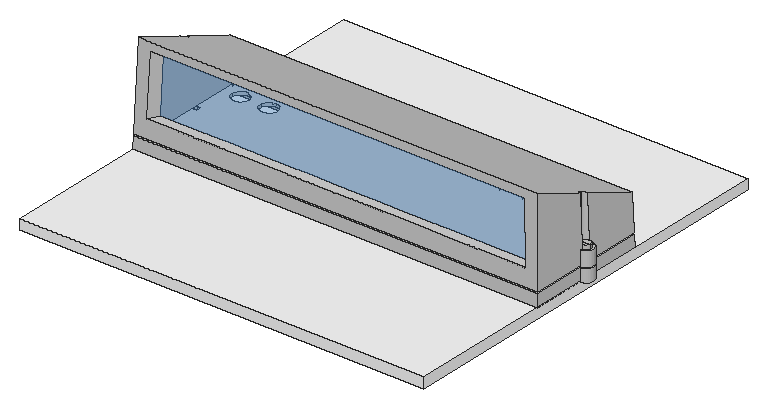
Revit family "BE_24373_de_DE", category Leuchten, Revit 2020
Family settings
  Basisbauteil = Fläche
  Bemaßung runder Anschluss = Durchmesser verwenden
  Teiletyp = Normal
  Beim Laden mit Abzugskörper schneiden = Ja
  Lichtquelle = Ja
  Gemeinsam genutzt = Nein
  Raumberechnungspunkt = Ja
Parameters (values of type "BEGA_24373_Silber_K4")
  built-in parameter 1150104 = 12.821 (stored number, unit not read)
  Wattage = 18.4 W
  Default Elevation = 0 mm
  built-in parameter 1150113 = 1 (stored number, unit not read)
  built-in parameter 1114218 = 1 (stored number, unit not read)
  Umgebungstemperatur = "25 °C"
  URL = "https://www.bega.com/de/produkt/24373"
  Typenkommentare = "© 2022 BEGA. Wir behalten uns das Recht vor, technische Änderungen ohne vorherige Ankündigung vorzunehmen."  # constant formula
  Type Image = 24373.png
  built-in parameter 1150134 = 12
  built-in parameter 1150109 = 1 (stored number, unit not read)
  Strom = ""
  built-in parameter 1150110 = 1 (stored number, unit not read)
  Spannung = 239.996 V
  Sonderanfertigung = no
  Seriennummer [instance] = "Hier können Sie die eindeutige Seriennummer für das Facility Management eintragen."
  Schutzklasse = "I"
  Schutzart = "IP 65"
  Scheinlast = 0 VA
  Produktdatenblatt = "https://cdn.bega.com/bega/products/24373K4/current/documents/data-sheets/de"
  Oberflächentemperatur = ""
  Neigungswinkel = 0.00°
  Modell = "24373AK4"
  Material_17 = BEGA_Reflektor
  Material_15 = BEGA_Leuchtmedium_matt
  Material_11 = BEGA_Glas_opal
  Material_10 = BEGA_Glas_matt
  Material_09 = BEGA_Glas_klar
  Material_06 = BEGA_Oberfläche_Edelstahl_gebürstet
  Material_03 = BEGA_Oberfläche_Weiss_matt
  Material_02 = BEGA_Oberfläche_Silber_matt
  Material_01 [instance] = BEGA_Oberfläche_Grafit_matt
  M_W = no
  M_G = no
  M_A = yes
  Logo = 0
  built-in parameter 1114217 = 1 (stored number, unit not read)
  built-in parameter 1150139 = (empty or 0)
  built-in parameter 1150105 = 202.06 (stored number, unit not read)
  built-in parameter 1150114 = 1 (stored number, unit not read)
  Lumens = 2539.2 lm
  built-in parameter 1150115 = 1 (stored number, unit not read)
  Leuchtenlichtstrom = "1767 lm"
  Leuchtenanzahl = ""
  Lebensdauerkriterien = "L70B50 @ 25 °C = 200000 h"
  Lastklassifizierung = Beleuchtung
  built-in parameter 1150112 = 1 (stored number, unit not read)
  Lampenlichtstrom = "3140 lm"
  Lampe = "LED 18 W"
  LED_Modulbezeichnung = "LED-1228/840"
  built-in parameter 1150142 = (empty or 0)
  Hersteller = "BEGA"  # constant formula
  Halbstreuwinkel = ""
  Gewicht = "2.4 kg"
  Gebrauchslageneinschränkung [instance] = ""
  Frequenz = "0/50-60 Hz"
  Farbwiedergabeindex = "CRI > 80"
  Farbtemperaturverschiebung bei Dämpfen der Lampe = <Keine Auswahl>
  Farbtemperatur = "4000 K"
  Color Filter = 16777215
  built-in parameter 1150133 = 10 (stored number, unit not read)
  Energieeffizienzklasse = "LED A++ - A"
  built-in parameter 1150137 = (empty or 0)
  built-in parameter 1150132 = (empty or 0)
  ENEC = "ja"
  Dimmbar [instance] = "DALI"
  Datei für fotometrisches Netz = "BE_24373K4.IES"
  CE_Konformität = "ja"
  Bestellnummer = "24373AK4"
  Beschreibung_Sonderanfertigung = "Hier können Sie Informationen zur Sonderanfertigung eintragen."
  Beschreibung = "Wandleuchte"
  built-in parameter 1150106 = 2.0206 (stored number, unit not read)
  Befestigungsbohrung = "Ø 5,5 mm"
  Befestigungsabstand = "370 mm"
  Ballwurfsicher = ""
  BEGA_Intern_aus = yes
  BEGA_Intern_an = yes
  BEGA_Intern_Konstruktion = yes
  BEGA_Intern = yes
  BEGA_IES = yes
  BEGA_Dummy = no
  Anschlussleitung = ""
  Anschlussleistung [instance] = "21 W"
  Anschlusskasten = ""
  built-in parameter 1150107 = 4000 (stored number, unit not read)
  built-in parameter 1150102 = (empty or 0)
  built-in parameter 1150138 = (empty or 0)
  Aktualisierung = "2022-05-18T04:00:07"
  Abstand_zur_angestrahlten_Fläche [instance] = ""
  AC/DC = "AC/DC"
Types (4, lengths in mm): name | built-in parameter 1150134 | Modell | M_G | M_A | Leuchtenlichtstrom | Lampenlichtstrom | LED_Modulbezeichnung | Farbtemperatur | Datei für fotometrisches Netz | Bestellnummer | built-in parameter 1150107
  BEGA_24373_Grafit_K4 | 12 | "24373K4" | yes | no | "1767 lm" | "3140 lm" | "LED-1228/840" | "4000 K" | "BE_24373K4.IES" | "24373K4" | 4000 (stored number, unit not read)
  BEGA_24373_Grafit_K3 | (empty or 0) | "24373K3" | yes | no | "1742 lm" | "3095 lm" | "LED-1228/830" | "3000 K" | "BE_24373K3.IES" | "24373K3" | 3000 (stored number, unit not read)
  BEGA_24373_Silber_K3 | (empty or 0) | "24373AK3" | no | yes | "1742 lm" | "3095 lm" | "LED-1228/830" | "3000 K" | "BE_24373K3.IES" | "24373AK3" | 3000 (stored number, unit not read)
  BEGA_24373_Silber_K4 | 12 | "24373AK4" | no | yes | "1767 lm" | "3140 lm" | "LED-1228/840" | "4000 K" | "BE_24373K4.IES" | "24373AK4" | 4000 (stored number, unit not read)
Reference planes
  plane 1 "Mitte (Vorne/Hinten)": y = 0
  plane 2: z = 0
  plane 3 "Mitte (Links/Rechts)": x = 0
  plane 4 "Links": x = -207.724
  plane 5 "Rechts": x = 207.724
  plane 6 "Unten": y = -60.019
  plane 7 "Oben": y = 60.019
  plane 8 "Vorne": z = 98.569
  plane 9 "Hinten": z = 0
Forms (mm)
  Extrusion 1, solid, material "BEGA_Platte_Weiss"
    sketch origin (0, -1119.2, 0) x (1, 0, 0) y (0, 1, 0)
      loop
        line (-200, 1319.2) -> (-200, 919.2) -> (200, 919.2) -> (200, 1319.2) -> (-200, 1319.2)
    from 0 to -10
  Extrusion 2, solid, material "BEGA_Dummy_matt", visible <- "BEGA_Dummy"
    sketch origin (80.095, -76.023, 0) x (1, 0, 0) y (0, 1, 0)
      loop
        line (-287.819, 136.042) -> (-287.819, 16.004) -> (127.628, 16.004) -> (127.628, 136.042) -> (-287.819, 136.042)
    from 0 to 98.569
Dimensions and locks
  plane 1 "Mitte (Vorne/Hinten)" to Extrusion 1 = 200 mm
  aligned and locked: plane 2 to Extrusion 1
  aligned and locked: level to Extrusion 1
Nested families
  nested 1: "BE_24373" at (0, 0, 0), type "BE_24373"
Connectors
  electrical at (0, 0, 0), driven by "Lastklassifizierung", driven by "Spannung", driven by "Scheinlast"
    settings: index 1, voltage 239.996 V, apparent load 0 VA, apparent load phase1 0 VA, apparent load phase2 0 VA, apparent load phase3 0 VA, power factor 1, load classification "Beleuchtung", number of poles 1, system type 31, power factor state 1, is connector primary yes, connector utility no, sub classification motor no, connector description ""
Definition of nested family "BE_24373"
  Parameters (values of type "BE_24373")
    Default Elevation = 1 mm
    URL = "http://www.bega.de/de/produkt"
    Type Comments = "© 2015 BEGA. Wir behalten uns das Recht vor, technische Änderungen ohne vorherige Ankündigung vorzunehmen. "  # constant formula
    Type Image = (empty or 0)
    Material_17 = none
    Material_15 = none
    Material_11 = none
    Material_10 = none
    Material_09 = none
    Material_06 = none
    Material_03 = none
    Material_02 = none
    Material_01 = none
    M_W = yes
    M_G = yes
    M_A = yes
    Länge_Platte = 500 mm  # constant formula
    Höhe_Platte = -10 mm  # constant formula
    Manufacturer = "BEGA"  # constant formula
    Breite_Platte = 200 mm  # constant formula
  Reference planes
    plane 1 "Mitte (Oben/Unten)": y = 0
    plane 2: z = 0
    plane 3 "Mitte (Links/Rechts)": x = 0
    plane 4 "Hinten": z = 0
    plane 5: x = -207.724
    plane 6: z = 98.569
    plane 7: x = 207.724
    plane 8: y = 60.019
    plane 9: y = -60.019
  Forms (mm)
    Extrusion 1, solid, detail levels medium
      sketch origin (0, 0, 0) x (1, 0, 0) y (0, 1, 0)
        loop
          line (-250, 100) -> (-250, -100) -> (250, -100) -> (250, 100) -> (-250, 100)
      from 0 to -10 <- "Höhe_Platte"
    Extrusion 2, solid, material <- "Material_01", visible <- "M_G", detail levels medium+fine
      sketch origin (0, 0, 0) x (0, 1, 0) y (0, 0, 1)
        loop
          line (59.522, 13.6) -> (58.254, 49.911) -> (-56.511, 98.569) -> (-59.478, 13.6) -> (-50.773, 13.6) -> (-48.022, 92.364) -> (50.35, 50.656) -> (51.386, 21) -> (56.527, 21) -> (56.786, 13.6) -> (59.522, 13.6)
      from -200.019 to 200.019
    Extrusion 3, solid, material <- "Material_01", visible <- "M_G", detail levels medium+fine
      sketch origin (0, 0, 0) x (0, 1, 0) y (0, 0, 1)
        loop
          line (58.254, 49.911) -> (-56.511, 98.569) -> (-59.478, 13.6) -> (59.522, 13.6) -> (58.254, 49.911)
      from -200.019 to -188.85
    Extrusion 4, solid, material <- "Material_01", visible <- "M_G", detail levels medium+fine
      sketch origin (0, 0, 0) x (1, 0, 0) y (0, 1, 0)
        loop
          line (-160, 21.964) -> (-160, -21.964) -> (160, -21.964) -> (160, 21.964) -> (-160, 21.964)
      from 14.7 to 12.4
    Extrusion 5, solid, material <- "Material_01", visible <- "M_G", detail levels medium+fine
      sketch origin (-100.514, 0, 0) x (1, 0, 0) y (0, 1, 0)
        loop
          line (-96.067, 7.186) -> (-100, 7.186)
          arc (-100, 7.186) -> (-107.186, 0) -> (-100, -7.186) r 7.186
          line (-100, -7.186) -> (-96.067, -7.186) -> (-96.067, 7.186)
        loop
          line (297.095, 7.186) -> (297.095, -7.186) -> (301.029, -7.186)
          arc (301.029, -7.186) -> (308.214, 0) -> (301.029, 7.186) r 7.186
          line (301.029, 7.186) -> (297.095, 7.186)
      from 13.6 to 28
    Extrusion 6, solid, material <- "Material_01", visible <- "M_G", detail levels medium+fine
      sketch origin (0, 0, 0) x (1, 0, 0) y (0, 1, 0)
        loop
          line (-195.019, 7.5) -> (-200.019, 7.5)
          arc (-200.019, 7.5) -> (-207.519, 0) -> (-200.019, -7.5) r 7.5
          line (-200.019, -7.5) -> (-195.019, -7.5) -> (-195.019, 7.5)
        loop
          line (195.019, 7.5) -> (195.019, -7.5) -> (200.019, -7.5)
          arc (200.019, -7.5) -> (207.519, 0) -> (200.019, 7.5) r 7.5
          line (200.019, 7.5) -> (195.019, 7.5)
      from 0 to 12
    Extrusion 7, void
      sketch origin (0, 0, 0) x (1, 0, 0) y (0, 1, 0)
        loop
          circle (-142, 35.5) r 8.5
        loop
          circle (-185, 0) r 2.5
        loop
          circle (185, 0) r 2.5
        loop
          circle (-170, 35.5) r 8.5
      from 0 to 17.494
    Extrusion 8, void
      sketch origin (0, 0, 0) x (1, 0, 0) y (0, 1, 0)
        loop
          circle (-200, 0) r 5.401
        loop
          circle (200, 0) r 5.401
      from 24.531 to 83.083
    Extrusion 9, solid, material <- "Material_10", detail levels medium+fine
      sketch origin (0, 0, 0) x (0, 1, 0) y (0, 0, 1)
        loop
          line (-44.082, 90.576) -> (-48.08, 90.716) -> (-50.418, 23.748) -> (-46.421, 23.609) -> (-44.082, 90.576)
      from -183.929 to 184.367
    Sweep 10, solid, material <- "Material_01", visible <- "M_G", detail levels medium+fine
      path origin (0, 0, 0) x (1, 0, 0) y (0, 1, 0)
        loop
          line (200.019, 60.019) -> (-200.019, 60.019) -> (-200.019, -60.019) -> (200.019, -60.019) -> (200.019, 60.019)
      profile origin (0, 60.019, 0) x (0, -1, 0) y (0, 0, 1)
        loop
          line (0.419, 12) -> (0, 0) -> (2.301, 0) -> (2.502, 5.733)
          arc (2.502, 5.733) -> (2.806, 6.419) -> (3.501, 6.7) r 1
          arc (3.501, 6.7) -> (4.899, 7.256) -> (5.514, 8.628) r 2
          line (5.514, 8.628) -> (5.646, 12.4) -> (40.019, 12.4) -> (40.019, 14.7) -> (4.112, 14.7) -> (4.018, 12) -> (0.419, 12)
    Blend 11, void
      base sketch origin (0, 0, 0) x (1, 0, 0) y (0, 0, 1)
        loop
          line (-179.142, 32.574) -> (179.142, 32.574) -> (178.427, 85.489) -> (-178.427, 85.489) -> (-179.142, 32.574)
      top sketch origin (0, 0, 0) x (1, 0, 0) y (0, 0, 1)
        loop
          line (-187.223, 92.364) -> (-188.06, 30.507) -> (188.06, 30.507) -> (187.223, 92.364) -> (-187.223, 92.364)
      from 45.943 to 60.256
    Extrusion 12, solid, material <- "Material_01", visible <- "M_G", detail levels medium+fine
      sketch origin (0, 0, 0) x (0, 1, 0) y (0, 0, -1)
        loop
          line (58.254, -49.911) -> (59.522, -13.6) -> (-59.478, -13.6) -> (-56.511, -98.569) -> (58.254, -49.911)
      from -200.019 to -190.71
    Extrusion 13, void
      sketch origin (0, 0, 0) x (1, 0, 0) y (0, 0, 1)
        loop
          line (200.306, 5.393) -> (200.306, 103.545) -> (196.878, 103.545) -> (200.306, 5.393)
        loop
          line (-200.306, 5.393) -> (-196.878, 103.545) -> (-200.306, 103.545) -> (-200.306, 5.393)
      from -62.234 to 63.12
    Extrusion 14, void
      sketch origin (0, 0, 0) x (1, 0, 0) y (0, 1, 0)
        loop
          circle (-200, 0) r 5.25
        loop
          circle (200, 0) r 5.25
      from 24.531 to 109.435
    Revolve 15, solid, material <- "Material_06", detail levels fine
      sketch origin (0, 0, 0) x (1, 0, 0) y (0, 0, 1)
        loop
          line (-204.25, 31.231) -> (-204.518, 24.531) -> (-202.5, 24.531) -> (-202.5, 6.873) -> (-200, 6.873) -> (-200, 31.231) -> (-204.25, 31.231)
        axis (-200, 31.231) -> (-200, 6.873)
      angle from 0 to 360
    Revolve 16, solid, material <- "Material_06", detail levels fine
      sketch origin (0, 0, 0) x (-1, 0, 0) y (0, 0, 1)
        loop
          line (-204.25, 31.231) -> (-204.518, 24.531) -> (-202.5, 24.531) -> (-202.5, 1.631) -> (-200, 1.631) -> (-200, 31.231) -> (-204.25, 31.231)
        axis (-200, 31.231) -> (-200, 1.631)
      angle from 0 to 360
    Extrusion 17, solid, material <- "Material_02", visible <- "M_A", detail levels medium+fine
      sketch origin (0, 0, 0) x (1, 0, 0) y (0, 1, 0)
        loop
          line (-195.019, 7.5) -> (-200.019, 7.5)
          arc (-200.019, 7.5) -> (-207.519, 0) -> (-200.019, -7.5) r 7.5
          line (-200.019, -7.5) -> (-195.019, -7.5) -> (-195.019, 7.5)
        loop
          line (195.019, 7.5) -> (195.019, -7.5) -> (200.019, -7.5)
          arc (200.019, -7.5) -> (207.519, 0) -> (200.019, 7.5) r 7.5
          line (200.019, 7.5) -> (195.019, 7.5)
      from 0 to 12
    Sweep 18, solid, material <- "Material_02", visible <- "M_A", detail levels medium+fine
      path origin (0, 0, 0) x (1, 0, 0) y (0, 1, 0)
        loop
          line (200.019, 60.019) -> (-200.019, 60.019) -> (-200.019, -60.019) -> (200.019, -60.019) -> (200.019, 60.019)
      profile origin (0, 60.019, 0) x (0, -1, 0) y (0, 0, 1)
        loop
          line (0.419, 12) -> (0, 0) -> (2.301, 0) -> (2.502, 5.733)
          arc (2.502, 5.733) -> (2.806, 6.419) -> (3.501, 6.7) r 1
          arc (3.501, 6.7) -> (4.899, 7.256) -> (5.514, 8.628) r 2
          line (5.514, 8.628) -> (5.646, 12.4) -> (40.019, 12.4) -> (40.019, 14.7) -> (4.112, 14.7) -> (4.018, 12) -> (0.419, 12)
    Extrusion 19, solid, material <- "Material_02", visible <- "M_A", detail levels medium+fine
      sketch origin (0, 0, 0) x (1, 0, 0) y (0, 1, 0)
        loop
          line (-160, 21.964) -> (-160, -21.964) -> (160, -21.964) -> (160, 21.964) -> (-160, 21.964)
      from 14.7 to 12.4
    Extrusion 20, solid, material <- "Material_02", visible <- "M_A", detail levels medium+fine
      sketch origin (0, 0, 0) x (0, 1, 0) y (0, 0, 1)
        loop
          line (59.522, 13.6) -> (58.254, 49.911) -> (-56.511, 98.569) -> (-59.478, 13.6) -> (-50.773, 13.6) -> (-48.022, 92.364) -> (50.35, 50.656) -> (51.386, 21) -> (56.527, 21) -> (56.786, 13.6) -> (59.522, 13.6)
      from -200.019 to 200.019
    Extrusion 21, solid, material <- "Material_02", visible <- "M_A", detail levels medium+fine
      sketch origin (0, 0, 0) x (0, 1, 0) y (0, 0, 1)
        loop
          line (58.254, 49.911) -> (-56.511, 98.569) -> (-59.478, 13.6) -> (59.522, 13.6) -> (58.254, 49.911)
      from -200.019 to -188.85
    Extrusion 22, solid, material <- "Material_02", visible <- "M_A", detail levels medium+fine
      sketch origin (-100.514, 0, 0) x (1, 0, 0) y (0, 1, 0)
        loop
          line (-96.067, 7.186) -> (-100, 7.186)
          arc (-100, 7.186) -> (-107.186, 0) -> (-100, -7.186) r 7.186
          line (-100, -7.186) -> (-96.067, -7.186) -> (-96.067, 7.186)
        loop
          line (297.095, 7.186) -> (297.095, -7.186) -> (301.029, -7.186)
          arc (301.029, -7.186) -> (308.214, 0) -> (301.029, 7.186) r 7.186
          line (301.029, 7.186) -> (297.095, 7.186)
      from 13.6 to 28
    Extrusion 23, solid, material <- "Material_02", visible <- "M_A", detail levels medium+fine
      sketch origin (0, 0, 0) x (0, 1, 0) y (0, 0, -1)
        loop
          line (58.254, -49.911) -> (59.522, -13.6) -> (-59.478, -13.6) -> (-56.511, -98.569) -> (58.254, -49.911)
      from -200.019 to -190.71
  Cuts and joins
    Extrusion 7, Extrusion 8, Blend 11, Extrusion 13, Extrusion 14 cuts Extrusion 2
    Extrusion 7, Blend 11, Extrusion 13, Extrusion 14 cuts Extrusion 3
    Extrusion 7, Blend 11, Extrusion 14 cuts Extrusion 5
    Extrusion 13, Extrusion 14 cuts Extrusion 12
    joined: Extrusion 2, Extrusion 3, Extrusion 5, Extrusion 12
    Extrusion 7, Extrusion 8, Extrusion 13 cuts Extrusion 4
    Extrusion 7, Extrusion 8 cuts Extrusion 6
    Extrusion 7 cuts Sweep 10
    joined: Extrusion 4, Extrusion 6, Sweep 10
    Extrusion 7 cuts Sweep 18
    joined: Extrusion 17, Sweep 18, Extrusion 19
    Blend 11, Extrusion 13, Extrusion 14 cuts Extrusion 20
    Extrusion 13, Extrusion 14 cuts Extrusion 21
    Extrusion 14 cuts Extrusion 22
    Extrusion 13, Extrusion 14 cuts Extrusion 23
    joined: Extrusion 20, Extrusion 21, Extrusion 22, Extrusion 23
  Dimensions and locks
    equal spacing: Extrusion 1 sketch curve, plane 3 "Mitte (Links/Rechts)", Extrusion 1 sketch curve
    equal spacing: Extrusion 1 sketch curve, plane 1 "Mitte (Oben/Unten)", Extrusion 1 sketch curve
    "Länge_Platte": Extrusion 1 sketch curve to Extrusion 1 sketch curve
    "Breite_Platte": Extrusion 1 sketch curve to Extrusion 1 sketch curve
    aligned and locked: Extrusion 1 to plane 2
    aligned and locked: level to Extrusion 1
  Automatic sketch dimensions
    Extrusion 2 sketch curve to Extrusion 2 sketch curve = 2.737 mm
    level to Extrusion 2 sketch curve = 13.6 mm  (x2)
    Extrusion 2 sketch curve to Extrusion 2 sketch curve = 7.4 mm
    Extrusion 2 sketch curve to Extrusion 2 sketch curve = 28.911 mm
    Extrusion 2 sketch curve to Extrusion 2 sketch curve = 0.745 mm
    Extrusion 2 sketch curve to Extrusion 2 sketch curve = 6.205 mm
    level to Extrusion 3 sketch curve = 13.6 mm
    plane 1 "Mitte (Oben/Unten)" to Extrusion 4 sketch curve = 21.964 mm
    Extrusion 4 sketch curve to plane 1 "Mitte (Oben/Unten)" = 21.964 mm
    plane 1 "Mitte (Oben/Unten)" to Extrusion 5 sketch curve = 0 mm  (x2)
    plane 1 "Mitte (Oben/Unten)" to Extrusion 5 sketch curve = 7.186 mm
    Extrusion 5 sketch curve to Extrusion 5 sketch curve = 3.933 mm  (x2)
    Extrusion 5 sketch curve to plane 1 "Mitte (Oben/Unten)" = 7.186 mm
    plane 1 "Mitte (Oben/Unten)" to Extrusion 6 sketch curve = 0 mm  (x2)
    plane 1 "Mitte (Oben/Unten)" to Extrusion 6 sketch curve = 7.5 mm
    Extrusion 6 sketch curve to Extrusion 6 sketch curve = 5 mm  (x2)
    Extrusion 6 sketch curve to plane 1 "Mitte (Oben/Unten)" = 7.5 mm
    plane 1 "Mitte (Oben/Unten)" to Extrusion 7 sketch curve = 0 mm  (x2)
    Extrusion 7 sketch curve to Extrusion 7 sketch curve = 15 mm
    Extrusion 7 sketch curve to Extrusion 7 sketch curve = 28 mm
    plane 1 "Mitte (Oben/Unten)" to Extrusion 8 sketch curve = 0 mm  (x2)
    Extrusion 9 sketch curve to Extrusion 9 sketch curve = 3.998 mm  (x2)
    level to Extrusion 9 sketch curve = 23.609 mm
    Extrusion 9 sketch curve to Extrusion 9 sketch curve = 0.14 mm  (x2)
    Sweep 10 sketch curve to level = 0 mm
    Sweep 10 sketch curve to profile plane = 0 mm
    Sweep 10 sketch curve to profile plane = 0.419 mm
    Sweep 10 sketch curve to Sweep 10 sketch curve = 2.301 mm
    Sweep 10 sketch curve to profile plane = 2.502 mm
    Sweep 10 sketch curve to Sweep 10 sketch curve = 0.999 mm
    Sweep 10 sketch curve to Sweep 10 sketch curve = 0.015 mm
    Sweep 10 sketch curve to Sweep 10 sketch curve = 0.502 mm
    Sweep 10 sketch curve to Sweep 10 sketch curve = 0.094 mm
    Sweep 10 sketch curve to Sweep 10 sketch curve = 1.999 mm
    Sweep 10 sketch curve to Sweep 10 sketch curve = 1.629 mm
    level to Sweep 10 sketch curve = 14.7 mm
    Sweep 10 sketch curve to Sweep 10 sketch curve = 34.373 mm
    level to Sweep 10 sketch curve = 5.7 mm
    Sweep 10 sketch curve to Sweep 10 sketch curve = 0.033 mm
    Sweep 10 sketch curve to Sweep 10 sketch curve = 1.928 mm
    Sweep 10 sketch curve to Sweep 10 sketch curve = 0.072 mm
    Sweep 10 sketch curve to Sweep 10 sketch curve = 3.3 mm
    Sweep 10 sketch curve to Sweep 10 sketch curve = 2.3 mm
    Sweep 10 sketch curve to Sweep 10 sketch curve = 0 mm  (x2)
    level to Blend 11 sketch curve = 32.574 mm  (x2)
    Blend 11 sketch curve to Blend 11 sketch curve = 0.716 mm  (x2)
    level to Blend 11 sketch curve = 30.507 mm
    Blend 11 sketch curve to Blend 11 sketch curve = 0.837 mm  (x2)
    level to Extrusion 12 sketch curve = 13.6 mm
    level to Extrusion 13 sketch curve = 5.393 mm  (x2)
    Extrusion 13 sketch curve to Extrusion 13 sketch curve = 3.428 mm  (x2)
    plane 1 "Mitte (Oben/Unten)" to Extrusion 14 sketch curve = 0 mm  (x2)
    level to Revolve 15 sketch curve = 24.531 mm
    level to Revolve 15 sketch curve = 31.231 mm
    Revolve 15 sketch curve to Revolve 15 sketch curve = 0.268 mm
    Revolve 15 sketch curve to Revolve 15 sketch curve = 2.018 mm
    Revolve 15 sketch curve to Revolve 15 sketch curve = 4.25 mm
    level to Revolve 15 sketch curve = 6.873 mm
    Revolve 15 sketch curve to Revolve 15 sketch curve = 0 mm
    Revolve 15 sketch curve to level = 1.719 mm
    Revolve 15 sketch curve to Revolve 15 sketch curve = 2.45 mm
    Revolve 16 sketch curve to level = 24.531 mm
    Revolve 16 sketch curve to level = 31.231 mm
    Revolve 16 sketch curve to Revolve 16 sketch curve = 0.268 mm
    Revolve 16 sketch curve to Revolve 16 sketch curve = 2.018 mm
    Revolve 16 sketch curve to Revolve 16 sketch curve = 4.25 mm
    Revolve 16 sketch curve to level = 1.631 mm
    Revolve 16 sketch curve to Revolve 16 sketch curve = 0 mm
    level to Revolve 16 sketch curve = 1.719 mm
    Revolve 16 sketch curve to Revolve 16 sketch curve = 2.45 mm
    plane 1 "Mitte (Oben/Unten)" to Extrusion 17 sketch curve = 0 mm  (x2)
    plane 1 "Mitte (Oben/Unten)" to Extrusion 17 sketch curve = 7.5 mm
    Extrusion 17 sketch curve to Extrusion 17 sketch curve = 5 mm  (x2)
    Extrusion 17 sketch curve to plane 1 "Mitte (Oben/Unten)" = 7.5 mm
    Sweep 18 sketch curve to level = 0 mm
    Sweep 18 sketch curve to profile plane = 0 mm
    Sweep 18 sketch curve to profile plane = 0.419 mm
    Sweep 18 sketch curve to Sweep 18 sketch curve = 2.301 mm
    Sweep 18 sketch curve to profile plane = 2.502 mm
    Sweep 18 sketch curve to Sweep 18 sketch curve = 0.999 mm
    Sweep 18 sketch curve to Sweep 18 sketch curve = 0.015 mm
    Sweep 18 sketch curve to Sweep 18 sketch curve = 0.502 mm
    Sweep 18 sketch curve to Sweep 18 sketch curve = 0.094 mm
    Sweep 18 sketch curve to Sweep 18 sketch curve = 1.999 mm
    Sweep 18 sketch curve to Sweep 18 sketch curve = 1.629 mm
    level to Sweep 18 sketch curve = 14.7 mm
    Sweep 18 sketch curve to Sweep 18 sketch curve = 34.373 mm
    level to Sweep 18 sketch curve = 5.7 mm
    Sweep 18 sketch curve to Sweep 18 sketch curve = 0.033 mm
    Sweep 18 sketch curve to Sweep 18 sketch curve = 1.928 mm
    Sweep 18 sketch curve to Sweep 18 sketch curve = 0.072 mm
    Sweep 18 sketch curve to Sweep 18 sketch curve = 3.3 mm
    Sweep 18 sketch curve to Sweep 18 sketch curve = 2.3 mm
    Sweep 18 sketch curve to Sweep 18 sketch curve = 0 mm  (x2)
    plane 1 "Mitte (Oben/Unten)" to Extrusion 19 sketch curve = 21.964 mm
    Extrusion 19 sketch curve to plane 1 "Mitte (Oben/Unten)" = 21.964 mm
    Extrusion 20 sketch curve to Extrusion 20 sketch curve = 2.737 mm
    level to Extrusion 20 sketch curve = 13.6 mm  (x2)
    Extrusion 20 sketch curve to Extrusion 20 sketch curve = 7.4 mm
    Extrusion 20 sketch curve to Extrusion 20 sketch curve = 28.911 mm
    Extrusion 20 sketch curve to Extrusion 20 sketch curve = 0.745 mm
    Extrusion 20 sketch curve to Extrusion 20 sketch curve = 6.205 mm
    level to Extrusion 21 sketch curve = 13.6 mm
    plane 1 "Mitte (Oben/Unten)" to Extrusion 22 sketch curve = 0 mm  (x2)
    plane 1 "Mitte (Oben/Unten)" to Extrusion 22 sketch curve = 7.186 mm
    Extrusion 22 sketch curve to Extrusion 22 sketch curve = 3.933 mm  (x2)
    Extrusion 22 sketch curve to plane 1 "Mitte (Oben/Unten)" = 7.186 mm
    level to Extrusion 23 sketch curve = 13.6 mm
    Extrusion 4 sketch curve to plane 3 "Mitte (Links/Rechts)" = 160 mm
    Extrusion 5 sketch curve to plane 3 "Mitte (Links/Rechts)" = 196.581 mm
    Extrusion 6 sketch curve to plane 3 "Mitte (Links/Rechts)" = 195.019 mm
    Extrusion 7 sketch curve to plane 3 "Mitte (Links/Rechts)" = 142 mm
    Extrusion 8 sketch curve to plane 3 "Mitte (Links/Rechts)" = 200 mm
    Sweep 10 sketch curve to plane 3 "Mitte (Links/Rechts)" = 200.019 mm
    Blend 11 sketch curve to plane 3 "Mitte (Links/Rechts)" = 178.427 mm
    Blend 11 sketch curve to plane 3 "Mitte (Links/Rechts)" = 187.223 mm
    Extrusion 13 sketch curve to plane 3 "Mitte (Links/Rechts)" = 196.878 mm
    Extrusion 14 sketch curve to plane 3 "Mitte (Links/Rechts)" = 200 mm
    Revolve 15 sketch curve to plane 3 "Mitte (Links/Rechts)" = 204.518 mm
    Extrusion 17 sketch curve to plane 3 "Mitte (Links/Rechts)" = 195.019 mm
    Sweep 18 sketch curve to plane 3 "Mitte (Links/Rechts)" = 200.019 mm
    Extrusion 19 sketch curve to plane 3 "Mitte (Links/Rechts)" = 160 mm
    Extrusion 22 sketch curve to plane 3 "Mitte (Links/Rechts)" = 196.581 mm
    plane 3 "Mitte (Links/Rechts)" to Extrusion 4 sketch curve = 160 mm
    plane 3 "Mitte (Links/Rechts)" to Extrusion 5 sketch curve = 196.581 mm
    plane 3 "Mitte (Links/Rechts)" to Extrusion 6 sketch curve = 195.019 mm
    plane 3 "Mitte (Links/Rechts)" to Extrusion 7 sketch curve = 185 mm
    plane 3 "Mitte (Links/Rechts)" to Extrusion 8 sketch curve = 200 mm
    plane 3 "Mitte (Links/Rechts)" to Sweep 10 sketch curve = 200.019 mm
    plane 3 "Mitte (Links/Rechts)" to Blend 11 sketch curve = 178.427 mm
    plane 3 "Mitte (Links/Rechts)" to Blend 11 sketch curve = 187.223 mm
    plane 3 "Mitte (Links/Rechts)" to Extrusion 13 sketch curve = 196.878 mm
    plane 3 "Mitte (Links/Rechts)" to Extrusion 14 sketch curve = 200 mm
    Revolve 16 sketch curve to plane 3 "Mitte (Links/Rechts)" = 204.518 mm
    plane 3 "Mitte (Links/Rechts)" to Extrusion 17 sketch curve = 195.019 mm
    plane 3 "Mitte (Links/Rechts)" to Sweep 18 sketch curve = 200.019 mm
    plane 3 "Mitte (Links/Rechts)" to Extrusion 19 sketch curve = 160 mm
    plane 3 "Mitte (Links/Rechts)" to Extrusion 22 sketch curve = 196.581 mm
    Extrusion 2 sketch curve to Extrusion 2 sketch curve = 78.764 mm
    Extrusion 3 sketch curve to Extrusion 3 sketch curve = 36.311 mm
    Extrusion 3 sketch curve to Extrusion 3 sketch curve = 84.969 mm
    Extrusion 9 sketch curve to Extrusion 9 sketch curve = 66.967 mm
    Blend 11 sketch curve to Blend 11 sketch curve = 52.915 mm
    Blend 11 sketch curve to Blend 11 sketch curve = 61.857 mm
    Extrusion 12 sketch curve to Extrusion 12 sketch curve = 36.311 mm
    Extrusion 12 sketch curve to Extrusion 12 sketch curve = 84.969 mm
    Extrusion 13 sketch curve to Extrusion 13 sketch curve = 98.152 mm  (x2)
    Extrusion 20 sketch curve to Extrusion 20 sketch curve = 78.764 mm
    Extrusion 21 sketch curve to Extrusion 21 sketch curve = 36.311 mm
    Extrusion 21 sketch curve to Extrusion 21 sketch curve = 84.969 mm
    Extrusion 23 sketch curve to Extrusion 23 sketch curve = 36.311 mm
    Extrusion 23 sketch curve to Extrusion 23 sketch curve = 84.969 mm
    Extrusion 2 sketch curve to plane 1 "Mitte (Oben/Unten)" = 50.35 mm
    Extrusion 2 sketch curve to Extrusion 2 sketch curve = 1.036 mm
    Extrusion 2 sketch curve to Extrusion 2 sketch curve = 5.142 mm
    Extrusion 2 sketch curve to Extrusion 2 sketch curve = 0.258 mm
    Extrusion 2 sketch curve to Extrusion 2 sketch curve = 7.904 mm
    Extrusion 3 sketch curve to plane 1 "Mitte (Oben/Unten)" = 58.254 mm
    Extrusion 3 sketch curve to Extrusion 3 sketch curve = 1.268 mm
    Extrusion 7 sketch curve to plane 1 "Mitte (Oben/Unten)" = 35.5 mm
    Extrusion 7 sketch curve to Extrusion 7 sketch curve = 0 mm
    Sweep 10 sketch curve to plane 1 "Mitte (Oben/Unten)" = 60.019 mm
    Extrusion 12 sketch curve to plane 1 "Mitte (Oben/Unten)" = 58.254 mm
    Extrusion 12 sketch curve to Extrusion 12 sketch curve = 1.268 mm
    Sweep 18 sketch curve to plane 1 "Mitte (Oben/Unten)" = 60.019 mm
    Extrusion 20 sketch curve to plane 1 "Mitte (Oben/Unten)" = 50.35 mm
    Extrusion 20 sketch curve to Extrusion 20 sketch curve = 1.036 mm
    Extrusion 20 sketch curve to Extrusion 20 sketch curve = 5.142 mm
    Extrusion 20 sketch curve to Extrusion 20 sketch curve = 0.258 mm
    Extrusion 20 sketch curve to Extrusion 20 sketch curve = 7.904 mm
    Extrusion 21 sketch curve to plane 1 "Mitte (Oben/Unten)" = 58.254 mm
    Extrusion 21 sketch curve to Extrusion 21 sketch curve = 1.268 mm
    Extrusion 23 sketch curve to plane 1 "Mitte (Oben/Unten)" = 58.254 mm
    Extrusion 23 sketch curve to Extrusion 23 sketch curve = 1.268 mm
    plane 9 to Extrusion 2 sketch curve = 11.997 mm
    plane 9 to Extrusion 2 sketch curve = 9.246 mm
    plane 9 to Extrusion 2 sketch curve = 3.508 mm
    plane 9 to Extrusion 2 sketch curve = 0.541 mm
    plane 9 to Extrusion 3 sketch curve = 3.508 mm
    plane 9 to Extrusion 3 sketch curve = 0.541 mm
    plane 9 to Extrusion 9 sketch curve = 9.601 mm
    plane 9 to Extrusion 9 sketch curve = 11.939 mm
    Sweep 10 sketch curve to plane 9 = 0 mm
    plane 9 to Extrusion 12 sketch curve = 3.508 mm
    plane 9 to Extrusion 12 sketch curve = 0.541 mm
    Sweep 18 sketch curve to plane 9 = 0 mm
    plane 9 to Extrusion 20 sketch curve = 11.997 mm
    plane 9 to Extrusion 20 sketch curve = 9.246 mm
    plane 9 to Extrusion 20 sketch curve = 3.508 mm
    plane 9 to Extrusion 20 sketch curve = 0.541 mm
    plane 9 to Extrusion 21 sketch curve = 3.508 mm
    plane 9 to Extrusion 21 sketch curve = 0.541 mm
    plane 9 to Extrusion 23 sketch curve = 3.508 mm
    plane 9 to Extrusion 23 sketch curve = 0.541 mm
    radius of Extrusion 7 sketch curve = 8.5 mm  (x2)
    radius of Extrusion 7 sketch curve = 2.5 mm  (x2)
    radius of Extrusion 8 sketch curve = 5.401 mm  (x2)
    radius of Extrusion 14 sketch curve = 5.25 mm  (x2)
